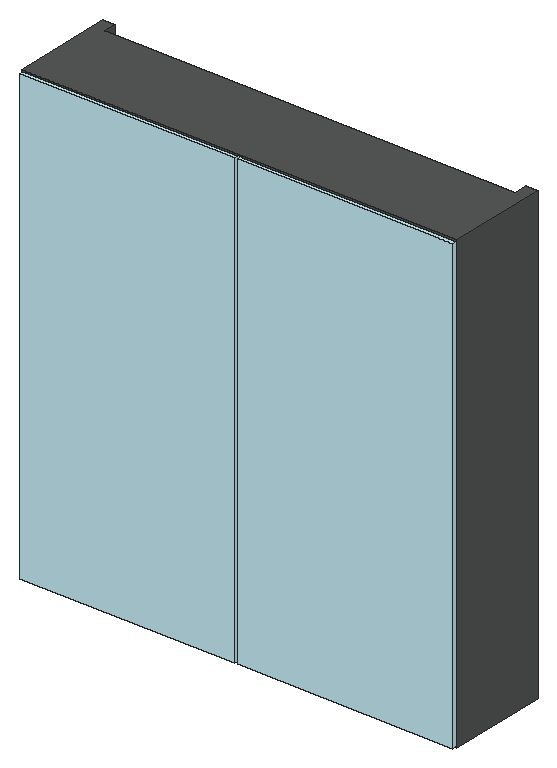
Revit family "Go mirror cabinets 600 800", category Furniture, Revit 2019
Family settings
  OmniClass Number = 23.40.20.00
  OmniClass Title = General Furniture and Specialties
  Work Plane-Based = No
  Always vertical = Yes
  Cut with Voids When Loaded = No
  Shared = No
  Room Calculation Point = No
Parameters (values of type "Go mirror cabinet 600 black matt")
  Width cabinet = 600 mm
  URL = "www.hafa.se"
  Model = "Go mirror cabinets"
  Manufacturer = "Hafa Bathroom Group AB"
  Glass doors = Mirror glass
  GTIN = "7330027103624"
  Depth cabinet = 145 mm
  Cabinet body = NCS S 9000-N 10% gloss
  Body material = "MDF/HDF/Chripboard moisture restistant E1 and FSC certified."
  Article number = "1580221"
Types (5, lengths in mm): name | Width cabinet | GTIN | Cabinet body | Article number
  (no name) | 600 | "7330027103624" | NCS S 9000-N 10% gloss | "1580221"
  Go mirror cabinet 600 white matt | 600 | "7330027103617" | NCS S 0300-N 20% gloss | "1580220"
  Go mirror cabinet 800 white matt | 800 | "7330027103631" | NCS S 0300-N 20% gloss | "1580230"
  Go mirror cabinet 800 black matt | 800 | "7330027103648" | NCS S 9000-N 10% gloss | "1580231"
  Go mirror cabinet 600 black matt | 600 | "7330027103624" | NCS S 9000-N 10% gloss | "1580221"
Reference planes
  plane 1 "Center (Front/Back)": y = 0
  plane 2: z = -22
  plane 3 "Center (Left/Right)": x = 0
  plane 4: y = -145
  plane 5: x = -300
  plane 6: x = 300
  plane 7: y = -139
  plane 8: z = -24
  plane 9: z = -648
  plane 10: x = -284
  plane 11: x = 284
  plane 12: z = -628
  plane 13: z = -38
  plane 14: z = -612
  plane 15: y = -21.3
  plane 16: y = -17.3
Forms (mm)
  Extrusion 1, solid, material "NCS S 9000-N 10% gloss" <- "Cabinet body"
    sketch origin (0, 0, -22) x (1, 0, 0) y (0, 1, 0)
      loop
        line (-300, 0) -> (-300, -139) -> (300, -139) -> (300, 0) -> (-300, 0)
    from 0 to -628
  Extrusion 2, solid, material "Mirror glass" <- "Glass doors"
    sketch origin (0, 0, -22) x (1, 0, 0) y (0, 1, 0)
      loop
        line (-298.5, -139) -> (-298.5, -145) -> (-1.5, -145) -> (-1.5, -139) -> (-298.5, -139)
    from -2 to -626
  Extrusion 3, void
    sketch origin (0, 0, 0) x (1, 0, 0) y (0, 0, 1)
      loop
        line (-284, -38) -> (-284, -612) -> (284, -612) -> (284, -38) -> (-284, -38)
    from 21.3 to 139
  Extrusion 4, void
    sketch origin (0, 0, 0) x (1, 0, 0) y (0, 0, 1)
      loop
        line (-284, -628) -> (-284, -650) -> (284, -650) -> (284, -628) -> (-284, -628)
    from 0 to 139
  Extrusion 5, void
    sketch origin (0, 0, 0) x (1, 0, 0) y (0, 0, 1)
      loop
        line (-284, -22) -> (-284, -628) -> (284, -628) -> (284, -22) -> (-284, -22)
    from 0 to 17.3
  Extrusion 6, solid, material "Mirror glass" <- "Glass doors"
    sketch origin (0, 0, -22) x (-1, 0, 0) y (0, -1, 0)
      loop
        line (-298.5, 139) -> (-1.5, 139) -> (-1.5, 145) -> (-298.5, 145) -> (-298.5, 139)
    from -2 to -626
Cuts and joins
  Extrusion 3, Extrusion 4, Extrusion 5 cuts Extrusion 1
  Extrusion 3, Extrusion 4, Extrusion 5 cuts Extrusion 2
Lines and regions (mm)
  reference lines
    curve 1: line (-300, 0, -22) -> (300, 0, -22)
    curve 2: line (-300, -139, -22) -> (-300, 0, -22)
    curve 3: line (300, -139, -22) -> (-300, -139, -22)
    curve 4: line (300, 0, -22) -> (300, -139, -22)
    curve 5: line (-284, 0, -628) -> (284, 0, -628)
    curve 6: line (-284, 0, -650) -> (-284, 0, -628)
    curve 7: line (284, 0, -650) -> (-284, 0, -650)
    curve 8: line (284, 0, -628) -> (284, 0, -650)
    curve 9: line (-284, 0, -38) -> (284, 0, -38)
    curve 10: line (-284, 0, -612) -> (-284, 0, -38)
    curve 11: line (284, 0, -612) -> (-284, 0, -612)
    curve 12: line (284, 0, -38) -> (284, 0, -612)
Dimensions and locks
  equal spacing: plane 5, plane 3 "Center (Left/Right)", plane 6
  "Width cabinet": plane 5 to plane 6
  locked: plane 4 to plane 7 at 6
  locked: plane 1 "Center (Front/Back)" to plane 4 at 145
  locked: plane 5 to Extrusion 2 sketch curve at 1.5
  locked: Extrusion 2 sketch curve to plane 3 "Center (Left/Right)" at 1.5
  Extrusion 2 to plane 9 = 0 mm
  plane 9 to Extrusion 1 = 2 mm
  locked: level to plane 8 at 2
  locked: level to plane 13 at 16
  locked: plane 12 to plane 9 at 20
  locked: plane 6 to plane 11 at 16
  locked: plane 10 to plane 5 at 16
  locked: plane 14 to plane 12 at 16
  locked: Extrusion 1 to plane 15 at 21.3
  locked: plane 1 "Center (Front/Back)" to plane 16 at 17.3
  aligned and locked: level to plane 2
  aligned and locked: plane 1 "Center (Front/Back)" to curve 1
  aligned and locked: plane 5 to curve 2
  aligned and locked: plane 7 to curve 3
  aligned and locked: curve 4 to plane 6
  aligned and locked: Extrusion 1 sketch curve to curve 1
  aligned and locked: Extrusion 1 sketch curve to curve 2
  aligned and locked: Extrusion 1 sketch curve to curve 3
  aligned and locked: Extrusion 1 sketch curve to curve 4
  aligned and locked: Extrusion 2 sketch curve to plane 7
  aligned and locked: plane 4 to Extrusion 2 sketch curve
  aligned and locked: Extrusion 2 to plane 9
  aligned and locked: plane 8 to Extrusion 2
  aligned and locked: curve 5 to plane 12
  aligned and locked: plane 10 to curve 6
  aligned and locked: curve 7 to Extrusion 1
  aligned and locked: curve 8 to plane 11
  aligned and locked: curve 9 to plane 13
  aligned and locked: plane 10 to curve 10
  aligned and locked: plane 14 to curve 11
  aligned and locked: curve 12 to plane 11
  aligned and locked: Extrusion 3 sketch curve to curve 9
  aligned and locked: Extrusion 3 sketch curve to curve 10
  aligned and locked: Extrusion 3 sketch curve to curve 11
  aligned and locked: Extrusion 3 sketch curve to curve 12
  aligned and locked: Extrusion 3 to plane 15
  aligned and locked: Extrusion 3 to plane 7
  aligned and locked: Extrusion 4 sketch curve to curve 5
  aligned and locked: Extrusion 4 sketch curve to curve 6
  aligned and locked: Extrusion 4 sketch curve to curve 7
  aligned and locked: Extrusion 4 sketch curve to curve 8
  aligned and locked: Extrusion 4 to Extrusion 1
  aligned and locked: plane 1 "Center (Front/Back)" to Extrusion 4
  aligned and locked: Extrusion 5 sketch curve to level
  aligned and locked: plane 10 to Extrusion 5 sketch curve
  aligned and locked: Extrusion 5 sketch curve to curve 5
  aligned and locked: Extrusion 5 sketch curve to curve 8
  aligned and locked: plane 16 to Extrusion 5
  aligned and locked: Extrusion 5 to plane 1 "Center (Front/Back)"
Automatic sketch dimensions
  curve 8 to plane 9 = 2 mm
  Extrusion 6 sketch curve to plane 4 = 0 mm
  Extrusion 6 sketch curve to plane 7 = 0 mm
  plane 6 to Extrusion 6 sketch curve = 1.5 mm
  Extrusion 6 sketch curve to plane 3 "Center (Left/Right)" = 1.5 mm
